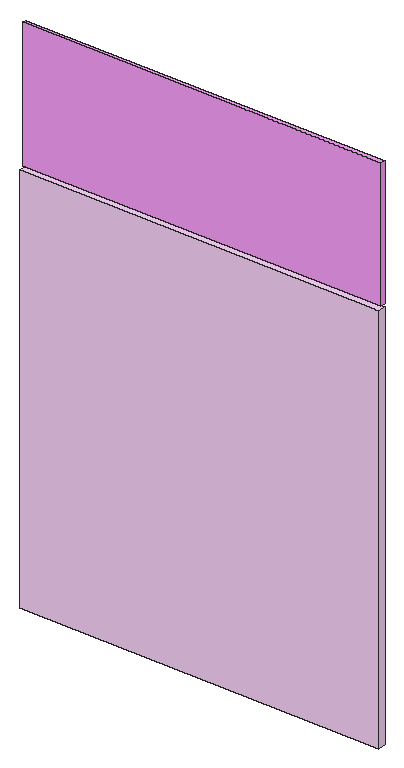
Revit family "EXP_WT-1A_CPan-001", category Curtain Panels, Revit 2021
Family settings
  OmniClass Number = 23.25.20.14.11.11.17
  OmniClass Title = Infill Panels
  Always vertical = Yes
  Cut with Voids When Loaded = No
  Shared = No
Parameters (values of type "H2 = 9'  8"")
  codifica [instance] = 900000
  UI-UnitNumber [instance] = "001"
  UI-Quadrant [instance] = "SE"
  UI-ProjectAbbreviation = "NEU"
  UI-ItemCategory = "PID"
  UI-FloorNumber [instance] = "03"
  PNT-WallType = "WT1A"
  PNT-ProjectAbbreviation = "NEU"
  PNT-PanelType [instance] = "01"
  PNT-ItemCategory = "PNL"
  GlassSPH2(x2) [instance] = 0' - 2 3/16"
  GlassSPH1 [instance] = 0' - 1 1/8"
  GlassH2 [instance] = IG-1F(Glass)
  GlassH1 [instance] = IG-3F(Glass)
  Define Thermal Properties by = Schematic Type
  CellSp = 0' - 10 3/16"
  CellL [instance] = 8' - 10"
  CellH2 = 9' - 8"
  CellH1 [instance] = CellH - CellH2  # 3' - 3"
  CellH [instance] = 12' - 11"
  Analytic Construction = "<None>"
Types (4): name | CellH2 | CellH1
  H2 = 8'  5 1/2" | 8' - 5 1/2" | 4' - 5 1/2"
  H2 = 9'  8" | 9' - 8" | 3' - 3"
  H2 = 10' 7" | 10' - 7" | 2' - 4"
  H2 = 9'  11 1/2" | 9' - 11 1/2" | 2' - 11 1/2"
Reference planes (in)
  plane 1 "Center (Front/Back)": y = 0
  plane 2: z = 0
  plane 3 "Center (Left/Right)": x = 0
  plane 4 "Left": x = -53
  plane 5 "Right": x = 53
  plane 6 "Top": z = 155
  plane 7: z = 116
  plane 8: y = -10.1875
Forms (in)
  Extrusion 1, solid, material "IG-1F(Glass)" <- "GlassH2", detail levels coarse+medium
    sketch origin (0, 0, 0) x (0, 1, 0) y (0, 0, 1)
      loop
        line (-10.1875, 116) -> (-10.1875, 0) -> (0, 0) -> (0, 116) -> (-10.1875, 116)
    from -53 to 53
  Extrusion 2, solid, material "IG-3F(Glass)" <- "GlassH1", detail levels coarse+medium
    sketch origin (0, 0, 0) x (0, 1, 0) y (0, 0, 1)
      loop
        line (-10.1875, 155) -> (-10.1875, 116) -> (0, 116) -> (0, 155) -> (-10.1875, 155)
    from -53 to 53
Text (in)
  text "Exterior" at (-92.59733, 55.75508, 0), in view "Ref. Level"
  text "Exterior" at (0, 90.18664, 173.49264), in view "Left"
  text "Exterior" at (0, 52.29083, 162.21847), in view "Right"
Dimensions and locks (in)
  equal spacing: plane 4 "Left", plane 3 "Center (Left/Right)", plane 5 "Right"  (x2)
  "CellH2": plane 2 to plane 7
  "CellH1": plane 7 to plane 6 "Top"
  Extrusion 2 sketch curve to Extrusion 2 sketch curve = 0' - 10 3/16"
  "CellL": plane 4 "Left" to plane 5 "Right"
  "CellH": plane 2 to plane 6 "Top"
  "CellSp": plane 8 to plane 1 "Center (Front/Back)"
  aligned and locked: level to plane 2
  aligned and locked: Extrusion 1 sketch curve to plane 7
  aligned and locked: plane 8 to Extrusion 1 sketch curve
  aligned and locked: level to Extrusion 1 sketch curve
  aligned and locked: plane 1 "Center (Front/Back)" to Extrusion 1 sketch curve
  aligned and locked: plane 4 "Left" to Extrusion 1
  aligned and locked: Extrusion 1 to plane 5 "Right"
  aligned and locked: plane 6 "Top" to Extrusion 2 sketch curve
  aligned and locked: plane 8 to Extrusion 2 sketch curve
  aligned and locked: Extrusion 2 to plane 5 "Right"
  aligned and locked: plane 4 "Left" to Extrusion 2
  aligned and locked: Extrusion 2 to plane 1 "Center (Front/Back)"
  aligned and locked: nested 1 to Extrusion 1  (x2)
  aligned and locked: nested 1 to plane 5 "Right"
  aligned and locked: nested 2 to Extrusion 2  (x2)
  aligned and locked: nested 2 to level
  aligned and locked: plane 1 "Center (Front/Back)" to nested 3
  aligned and locked: plane 5 "Right" to nested 3
  aligned and locked: plane 4 "Left" to nested 3
  aligned and locked: Extrusion 2 to plane 6 "Top"
  aligned and locked: Extrusion 1 to level
  aligned and locked: plane 1 "Center (Front/Back)" to nested 4
  aligned and locked: plane 7 to nested 4
  aligned and locked: plane 4 "Left" to nested 4
  aligned and locked: plane 5 "Right" to nested 4
  aligned and locked: plane 2 to nested 4
  aligned and locked: plane 1 "Center (Front/Back)" to nested 5
  aligned and locked: nested 5 to plane 6 "Top"
  aligned and locked: plane 7 to nested 5
  aligned and locked: plane 5 "Right" to nested 5
  aligned and locked: plane 4 "Left" to nested 5
Automatic sketch dimensions
  Extrusion 2 sketch curve to plane 7 = 0' - 0"
Nested families (in)
  nested 1: "EXP_WT-1A_DetO-001" at (-53, 0, 0), type "EXP_WT-1A_DetO-001"
    with built-in parameter 1001306 8.8333 (stored number, unit not read)
  nested 2: "EXP_WT-1A_DetO-003" at (0, 0, 155) x (0, 0, -1) z (1, 0, 0), CellH1 <- "CellH1", CellH2 <- "CellH2", type "EXP_WT-1A_DetO-003"
    with built-in parameter 1001306 12.917 (stored number, unit not read), CellH1 3' - 3"
  nested 3: "EXP_xx_DetO-002" at (0, 0, 0), CellH <- "CellH", CellL <- "CellL", type "EXP_xx_DetO-002", detail levels coarse
    with CellL 8' - 10", CellH 12' - 11"
  nested 4: "EXP_WT-1x_IG-001" at (0, 0, 58), MaterialGlass <- "GlassH2", GlassSP <- "GlassSPH2(x2)", type "GlassSP = H2(x2)", detail levels fine
    with MaterialGlass IG-1F(Glass), GlassSP 0' - 2 3/16", GlassL 8' - 8.12598", GlassH 9' - 6.06299", CellL 8' - 10", CellH 9' - 8"
  nested 5: "EXP_WT-1x_IG-001" at (0, 0, 135.5), MaterialGlass <- "GlassH1", GlassSP <- "GlassSPH1", type "GlassSP = H1", detail levels fine
    with MaterialGlass IG-3F(Glass), GlassSP 0' - 1 1/8", GlassL 8' - 8.12549", GlassH 3' - 1 5/16", CellL 8' - 10", CellH 3' - 3"
Definition of nested family "EXP_WT-1x_IG-001"
  Parameters (values of type "H2 _ GlassSP = 1 1/4"")
    MaterialGlass [instance] = none
    GlassSP [instance] = 0' - 1 1/4"
    GlassL [instance] = CellL - (GlassD1 + GlassD3)  # 3' - 10.94439"
    GlassH [instance] = CellH - (GlassD2 + GlassD4)  # 6' - 6.64788"
    GlassD4 = 0' - 1.43701"
    GlassD3 = 0' - 0.93701"
    GlassD2 = 0' - 0 1/2"
    GlassD1 = 0' - 0 15/16"
    GMPI-ProjectAbbreviation = "NEU"
    GMPI-IteamCategory = "GLS"
    Default Elevation = 0' - 0"
    CellL [instance] = 4' - 0.8189"
    CellH [instance] = 6' - 8.58489"
  Types (12): name | GlassSP | GlassL | GlassH | GlassD4 | GlassD2 | GlassD1
    H2(x2) _ GlassSP = 2 1/8" | 0' - 2.12598" | 3' - 10.94488" | 6' - 6.64788" | 0' - 1.43701" | 0' - 0 1/2" | 0' - 0.93701"
    H1 _ GlassSP = 1 1/4" | 0' - 1 1/4" | 3' - 10.94439" | 6' - 6.89739" | 0' - 0 1/4" | 0' - 1 7/16" | 0' - 0 15/16"
    H2(x3) _ GlassSP = 2 1/8" | 0' - 2.12598" | 3' - 10.94488" | 6' - 7.83489" | 0' - 0 1/4" | 0' - 0 1/2" | 0' - 0.93701"
    H3 _ GlassSP = 1 1/4" | 0' - 1 1/4" | 3' - 10.94439" | 6' - 6.64788" | 0' - 1.43701" | 0' - 0 1/2" | 0' - 0 15/16"
    H _ GlassSP = 2 1/8" | 0' - 2.12598" | 3' - 10.94488" | 6' - 5.71088" | 0' - 1.43701" | 0' - 1.43701" | 0' - 0.93701"
    H _ GlassSP = 1 1/4" | 0' - 1 1/4" | 3' - 10.94439" | 6' - 5.71088" | 0' - 1.43701" | 0' - 1.43701" | 0' - 0 15/16"
    H2 _ GlassSP = 1 1/4" | 0' - 1 1/4" | 3' - 10.94439" | 6' - 6.64788" | 0' - 1.43701" | 0' - 0 1/2" | 0' - 0 15/16"
    GlassSP = H | 0' - 1 1/4" | 3' - 10.94439" | 6' - 5.71088" | 0' - 1.43701" | 0' - 1.43701" | 0' - 0 15/16"
    GlassSP = H3 | 0' - 1 1/4" | 3' - 10.94439" | 6' - 6.64788" | 0' - 1.43701" | 0' - 0 1/2" | 0' - 0 15/16"
    GlassSP = H2(x3) | 0' - 2.12598" | 3' - 10.94488" | 6' - 7.83489" | 0' - 0 1/4" | 0' - 0 1/2" | 0' - 0.93701"
    GlassSP = H2(x2) | 0' - 2.12598" | 3' - 10.94488" | 6' - 6.64788" | 0' - 1.43701" | 0' - 0 1/2" | 0' - 0.93701"
    GlassSP = H1 | 0' - 1 1/4" | 3' - 10.94439" | 6' - 6.89739" | 0' - 0 1/4" | 0' - 1 7/16" | 0' - 0 15/16"
  Reference planes (in)
    plane 1 "Center (Front/Back)": y = 0
    plane 2: z = 0
    plane 3 "Center (Left/Right)": x = 0
    plane 4: x = -24.40945
    plane 5: x = 24.40945
    plane 6: z = 40.29245
    plane 7: x = -23.47195
    plane 8: x = 23.47244
    plane 9: z = -40.29245
    plane 10: z = 39.79245
    plane 11: z = -38.85544
  Forms (in)
    Extrusion 1, solid, material <- "MaterialGlass"
      sketch origin (0, 0, 0) x (1, 0, 0) y (0, 0, 1)
        loop
          line (-23.47195, -38.85544) -> (23.47244, -38.85544) -> (23.47244, 39.79245) -> (-23.47195, 39.79245) -> (-23.47195, -38.85544)
      from 0 to 1.25 <- "GlassSP"
  Dimensions and locks (in)
    equal spacing: plane 6, level, plane 9
    "CellH": plane 6 to plane 9
    "GlassD2": plane 6 to plane 10
    "GlassD4": plane 11 to plane 9
    equal spacing: plane 4, plane 3 "Center (Left/Right)", plane 5
    "CellL": plane 4 to plane 5
    "GlassD1": plane 4 to plane 7
    "GlassD3": plane 5 to plane 8
    aligned and locked: level to plane 2
    aligned and locked: Extrusion 1 sketch curve to plane 11
    aligned and locked: Extrusion 1 sketch curve to plane 7
    aligned and locked: plane 10 to Extrusion 1 sketch curve
    aligned and locked: plane 8 to Extrusion 1 sketch curve
Definition of nested family "EXP_WT-1A_DetO-001"
  Parameters (values of type "EXP_WT-1A_DetO-001")
    built-in parameter 1001306 [instance] = 5' - 2.99213"
  Reference planes (in)
    plane 1 "Center (Front/Back)": y = 0
    plane 2: z = 0
    plane 3 "Left": x = 0
    plane 4 "Right": x = 62.99213
  Lines and regions (in)
    reference lines, in view "Ref. Level"
      curve 1: line (0, 0, 0) -> (62.99213, 0, 0)
    detail lines, in view "Ref. Level"
      curve 2: line (0.25, 0, 0) -> (0.5458, 0, 0)
      curve 3: line (0.25, 0, 0) -> (0.5458, 0, 0)
      curve 4: line (62.99213, -0.81795, 0) -> (62.99213, -10.1875, 0)
      curve 5: line (62.99213, -10.1875, 0) -> (60.99213, -10.1875, 0)
      curve 6: line (60.99213, -10.1875, 0) -> (60.99213, -2.43678, 0)
      curve 7: line (60.99213, -2.43678, 0) -> (62.44632, -2.43678, 0)
      curve 8: line (62.44632, -2.43678, 0) -> (62.44632, 0, 0)
      curve 9: line (62.44632, 0, 0) -> (62.74213, 0, 0)
      curve 10: line (62.74213, 0, 0) -> (62.74213, -0.81795, 0)
      curve 11: line (62.99213, -0.81795, 0) -> (62.74213, -0.81795, 0)
      curve 12: line (0.25, 0, 0) -> (0.25, -0.81795, 0)
      curve 13: line (0.25, 0, 0) -> (0.5458, 0, 0)
      curve 14: line (0, -0.81795, 0) -> (0.25, -0.81795, 0)
      curve 15: line (0, -0.81795, 0) -> (0, -10.1875, 0)
      curve 16: line (2, -10.1875, 0) -> (0, -10.1875, 0)
      curve 17: line (2, -2.43676, 0) -> (2, -10.1875, 0)
      curve 18: line (0.5458, -2.43676, 0) -> (2, -2.43676, 0)
      curve 19: line (0.5458, -2.43676, 0) -> (0.5458, 0, 0)
      curve 20: line (0.94241, 0, 0) -> (62.04971, 0, 0)
      curve 21: line (0.94241, -1.31, 0) -> (0.94241, 0, 0)
      curve 22: line (0.94241, -1.31, 0) -> (62.04971, -1.31, 0)
      curve 23: line (62.04971, -1.31, 0) -> (62.04971, 0, 0)
  Dimensions and locks (in)
    "built-in parameter 1001306": plane 3 "Left" to plane 4 "Right"
    aligned and locked: plane 1 "Center (Front/Back)" to curve 1
    aligned and locked: plane 3 "Left" to curve 1
    aligned and locked: plane 4 "Right" to curve 1
    aligned and locked: curve 4 to plane 4 "Right"
    aligned and locked: curve 1 to curve 13
    aligned and locked: curve 15 to plane 3 "Left"
    aligned and locked: curve 1 to curve 20
    aligned and locked: curve 5 to curve 16
  Automatic sketch dimensions
    plane 1 "Center (Front/Back)" to curve 9 = 0' - 0"
    curve 2 to curve 2 = 0' - 0.2958"
    curve 7 to plane 4 "Right" = 0' - 2"
    curve 9 to plane 4 "Right" = 0' - 0.5458"
    curve 10 to curve 4 = 0' - 0 1/4"
    plane 1 "Center (Front/Back)" to curve 4 = 0' - 0.81795"
    curve 7 to curve 10 = 0' - 1.61883"
    curve 5 to curve 7 = 0' - 7.75072"
    plane 1 "Center (Front/Back)" to curve 15 = 0' - 0.81795"
    plane 3 "Left" to curve 16 = 0' - 2"
    curve 17 to curve 12 = 0' - 1.61881"
    plane 3 "Left" to curve 20 = 0' - 0.94241"
    curve 23 to curve 10 = 0' - 0.69242"
    curve 23 to curve 10 = 0' - 0.49205"
    plane 3 "Left" to curve 14 = 0' - 0 1/4"
Definition of nested family "EXP_WT-1A_DetO-003"
  Parameters (values of type "EXP_WT-1A_DetO-003")
    built-in parameter 1001306 [instance] = 12' - 11"
    CellH2 [instance] = 9' - 8"
    CellH1 [instance] = 3' - 3"
    CellH [instance] = 12' - 11"
  Reference planes (in)
    plane 1 "Center (Front/Back)": y = 0
    plane 2: z = 0
    plane 3 "Left": x = 0
    plane 4 "Right": x = 155
    plane 5: x = 39
  Lines and regions (in)
    reference lines, in view "Ref. Level"
      curve 1: line (0, 0, 0) -> (155, 0, 0)
    detail lines, in view "Ref. Level"
      curve 2: line (37.25001, -10.1875, 0) -> (37.25001, -2.41263, 0)
      curve 3: line (37.25001, -2.41263, 0) -> (40.74999, -2.41263, 0)
      curve 4: line (40.74999, -2.41263, 0) -> (40.74999, -10.1875, 0)
      curve 5: line (40.74999, -10.1875, 0) -> (37.25001, -10.1875, 0)
      curve 6: line (39.27639, -2.185, 0) -> (39.27639, 0, 0)
      curve 7: line (39.27639, 0, 0) -> (153.80789, 0, 0)
      curve 8: line (153.80789, -2.185, 0) -> (39.27639, -2.185, 0)
      curve 9: line (38.52639, -1.31, 0) -> (38.52639, 0, 0)
      curve 10: line (38.52639, 0, 0) -> (1.19241, 0, 0)
      curve 11: line (38.52639, -1.31, 0) -> (1.19241, -1.31, 0)
      curve 12: line (0, -10.1875, 0) -> (2.125, -10.1875, 0)
      curve 13: line (0, -0.81812, 0) -> (0, -10.1875, 0)
      curve 14: line (0.5, 0, 0) -> (0.5, -0.81812, 0)
      curve 15: line (0.5, 0, 0) -> (0.7958, 0, 0)
      curve 16: line (0, -0.81812, 0) -> (0.5, -0.81812, 0)
      curve 17: line (0.7958, -2.43676, 0) -> (0.7958, 0, 0)
      curve 18: line (2.125, -2.43676, 0) -> (0.7958, -2.43676, 0)
      curve 19: line (2.125, -10.1875, 0) -> (2.125, -2.43676, 0)
      curve 20: line (1.19241, -1.31, 0) -> (1.19241, 0, 0)
      curve 21: line (155, 60, 0) -> (155, -10.1875, 0)
      curve 22: line (155, -10.1875, 0) -> (151.625, -10.1875, 0)
      curve 23: line (151.625, -10.1875, 0) -> (151.625, -2.43679, 0)
      curve 24: line (151.625, -2.43679, 0) -> (154.2042, -2.43679, 0)
      curve 25: line (154.2042, -2.43679, 0) -> (154.2042, 0, 0)
      curve 26: line (154.5, 0, 0) -> (154.5, -0.81812, 0)
      curve 27: line (154.2042, 0, 0) -> (154.5, 0, 0)
      curve 28: line (155, -0.81812, 0) -> (154.5, -0.81812, 0)
      curve 29: line (155, -0.81812, 0) -> (155, -10.1875, 0)
      curve 30: line (153.80789, -2.185, 0) -> (153.80789, 0, 0)
  Dimensions and locks (in)
    "built-in parameter 1001306": plane 3 "Left" to plane 4 "Right"
    "CellH": plane 3 "Left" to plane 4 "Right"
    "CellH2": plane 5 to plane 4 "Right"
    "CellH1": plane 3 "Left" to plane 5
    aligned and locked: plane 1 "Center (Front/Back)" to curve 1
    aligned and locked: plane 3 "Left" to curve 1
    aligned and locked: plane 4 "Right" to curve 1
    aligned and locked: curve 1 to curve 7
    aligned and locked: curve 10 to plane 1 "Center (Front/Back)"
    aligned and locked: curve 13 to plane 3 "Left"
    aligned and locked: curve 1 to curve 15
    aligned and locked: curve 21 to plane 4 "Right"
    aligned and locked: curve 29 to plane 4 "Right"
    aligned and locked: curve 5 to curve 12
    aligned and locked: curve 22 to curve 5
  Automatic sketch dimensions
    plane 5 to curve 3 = 0' - 1 3/4"
    plane 1 "Center (Front/Back)" to curve 3 = 0' - 2.41263"
    curve 5 to plane 5 = 0' - 1 3/4"
    plane 5 to curve 6 = 0' - 0.27639"
    curve 6 to curve 6 = 0' - 2.185"
    curve 9 to plane 5 = 0' - 0.47361"
    plane 1 "Center (Front/Back)" to curve 13 = 0' - 0.81812"
    plane 3 "Left" to curve 14 = 0' - 0 1/2"
    curve 14 to curve 17 = 0' - 0.2958"
    curve 17 to curve 18 = 0' - 1.3292"
    curve 18 to curve 14 = 0' - 1.61864"
    curve 14 to curve 20 = 0' - 0.69242"
    curve 20 to curve 14 = 0' - 0.49188"
    curve 21 to plane 1 "Center (Front/Back)" = 5' - 0"
    curve 24 to curve 24 = 0' - 2.5792"
    plane 1 "Center (Front/Back)" to curve 27 = 0' - 0"
    curve 25 to curve 26 = 0' - 0.2958"
    curve 28 to curve 28 = 0' - 0 1/2"
    curve 30 to curve 24 = 0' - 0.39631"
    curve 24 to curve 30 = 0' - 0.25179"
    plane 1 "Center (Front/Back)" to curve 26 = 0' - 0.81812"
    curve 22 to curve 24 = 0' - 7.75071"
Definition of nested family "EXP_xx_DetO-002"
  Parameters (values of type "EXP_xx_DetO-002")
    Default Elevation = 0' - 0"
    CellL [instance] = 5' - 4.56693"
    CellH [instance] = 5' - 2.99213"
  Reference planes (in)
    plane 1 "Center (Front/Back)": y = 0
    plane 2: z = 0
    plane 3 "Center (Left/Right)": x = 0
    plane 4: x = -32.28346
    plane 5: x = 32.28346
    plane 6: z = 62.99213
  Lines and regions (in)
    model lines
      curve 1: line (-32.28346, 0, 62.99213) -> (32.28346, 0, 0)
      curve 2: line (32.28346, 0, 62.99213) -> (-32.28346, 0, 0)
  Dimensions and locks (in)
    "CellH": plane 6 to level
    equal spacing: plane 4, plane 3 "Center (Left/Right)", plane 5
    "CellL": plane 4 to plane 5
    aligned and locked: level to plane 2
  Automatic sketch dimensions
    curve 2 to level = 0' - 0"
    plane 4 to curve 2 = 0' - 0"
    plane 4 to curve 1 = 0' - 0"
    plane 5 to curve 2 = 0' - 0"
    curve 1 to level = 0' - 0"
    plane 5 to curve 1 = 0' - 0"
    curve 2 to plane 6 = 0' - 0"
    curve 1 to plane 6 = 0' - 0"
